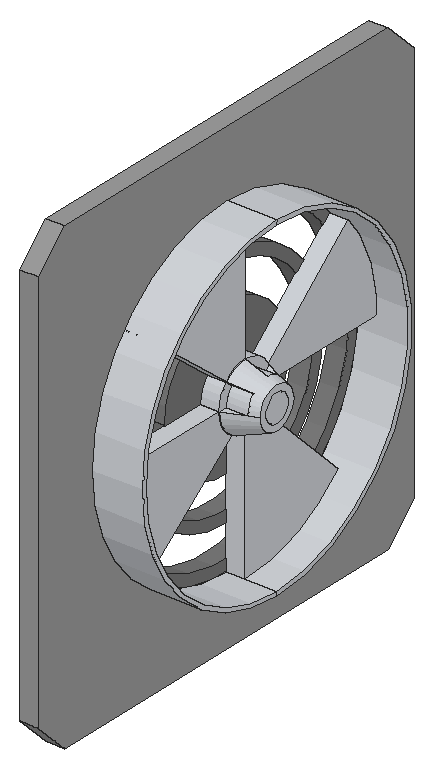
Revit family "НЕВАТОМ_Вентилятор VO с панелью, версия 1", category Оборудование, Revit 2017
Family settings
  Размер круглого соединителя = Использовать диаметр
  Тип детали = Нормальный
  На основе рабочей плоскости = Нет
  Всегда вертикально = Да
  При загрузке вырезать с полостями = Нет
  Общий = Нет
  Точка расчета площади = Нет
Parameters (values of type "VO 250-4E")
  С = 55 mm
  Расход [instance] = 0.0 L/s
  А = 320 mm
  Nevatom_URL = "https://t.me/NEVATOM_Bim_bot"
  D2.1 = D2 - D / 5  # 121.333 mm
  D2 = D1.1 - D / 15  # 173.333 mm
  D1.1 = D1 - D / 5  # 190.667 mm
  D1 = D - D / 15  # 242.667 mm
  D верх вент = D / 8  # 32.5 mm
  D* = D / 12  # 21.667 mm
  D осн вент = D / 5  # 52 mm
  D = 260 mm
  B = 370 mm
  ADSK_Частота вращения вентилятора = 1380
  ADSK_Ток = 0.22 A
  ADSK_Размер_Ширина = С  # 55 mm
  ADSK_Размер_Длина = B  # 370 mm
  ADSK_Размер_Высота = B  # 370 mm
  ADSK_Примечание = ""
  ADSK_Полная мощность = 0.05 kW
  ADSK_Позиция = ""
  ADSK_Напряжение = 230 V
  ADSK_Наименование = "Вентилятор осевой"  # constant formula
  ADSK_Материал наименование = "Оцинкованная сталь"  # constant formula
  ADSK_Масса_Текст = "2.5 кг"
  ADSK_Масса = 2.5
  ADSK_Марка = "VO 250-4Е-03"
  ADSK_Количество = 1  # constant formula
  ADSK_Код изделия = ""
  ADSK_Завод-изготовитель = "НЕВАТОМ"  # constant formula
  ADSK_Единица измерения = "шт."  # constant formula
Types (15, lengths in mm): name | С | А | D2.1 | D2 | D1.1 | D1 | D верх вент | D* | D осн вент | D | B | ADSK_Частота вращения вентилятора | ADSK_Ток | ADSK_Размер_Ширина | ADSK_Размер_Длина | ADSK_Размер_Высота | ADSK_Полная мощность | ADSK_Напряжение | ADSK_Масса_Текст | ADSK_Масса | ADSK_Марка
  (no name) | 55 | 320 | 121.333 | 173.333 | 190.667 | 242.667 | 32.5 | 21.667 | 52 | 260 | 370 | 1380 | 0.22 A | 55 | 370 | 370 | 0.05 kW | 230 V | "2.5 кг" | 2.5 | "VO 250-4Е-03"
  VO 200-4E | 52 | 260 | 95.667 | 136.667 | 150.333 | 191.333 | 25.625 | 17.083 | 41 | 205 | 312 | 1460 | 0.12 A | 52 | 312 | 312 | 0.03 kW | 230 V | "1.9 кг" | 1.9 | "VO 200-4Е-03"
  VO 250-4E | 55 | 320 | 121.333 | 173.333 | 190.667 | 242.667 | 32.5 | 21.667 | 52 | 260 | 370 | 1380 | 0.22 A | 55 | 370 | 370 | 0.05 kW | 230 V | "2.5 кг" | 2.5 | "VO 250-4Е-03"
  VO 300-4Е | 80 | 380 | 147 | 210 | 231 | 294 | 39.375 | 26.25 | 63 | 315 | 430 | 1370 | 0.38 A | 80 | 430 | 430 | 0.09 kW | 230 V | "3.2 кг" | 3.2 | "VO 300-4Е-03"
  VO 350-4Е | 85 | 435 | 168 | 240 | 264 | 336 | 45 | 30 | 72 | 360 | 485 | 1370 | 0.68 A | 85 | 485 | 485 | 0.14 kW | 230 V | "4.7 кг" | 4.7 | "VO 350-4Е-03"
  VO 400-4Е | 100 | 490 | 191.333 | 273.333 | 300.667 | 382.667 | 51.25 | 34.167 | 82 | 410 | 540 | 1350 | 0.81 A | 100 | 540 | 540 | 0.18 kW | 230 V | "6.1 кг" | 6.1 | "VO 400-4Е-03"
  VO 450-4E | 100 | 535 | 214.667 | 306.667 | 337.333 | 429.333 | 57.5 | 38.333 | 92 | 460 | 575 | 1380 | 1.15 A | 100 | 575 | 575 | 0.25 kW | 230 V | "6.9 кг" | 6.9 | "VO 450-4Е-03"
  VO 400-4D | 100 | 490 | 191.333 | 273.333 | 300.667 | 382.667 | 51.25 | 34.167 | 82 | 410 | 540 | 1380 | 0.48 A | 100 | 540 | 540 | 0.19 kW | 380 V | "6.1 кг" | 6.1 | "VO 400-4D-03"
  VO 450-4D | 100 | 535 | 214.667 | 306.667 | 337.333 | 429.333 | 57.5 | 38.333 | 92 | 460 | 575 | 1400 | 0.58 A | 100 | 575 | 575 | 0.25 kW | 380 V | "6.9 кг" | 6.9 | "VO 450-4D-03"
  VO 500-4E | 120 | 615 | 238 | 340 | 374 | 476 | 63.75 | 42.5 | 102 | 510 | 655 | 1320 | 1.85 A | 120 | 655 | 655 | 0.42 kW | 230 V | "9.5 кг" | 9.5 | "VO 500-4E-03"
  VO 500-4D | 120 | 615 | 238 | 340 | 374 | 476 | 63.75 | 42.5 | 102 | 510 | 655 | 1320 | 0.93 A | 120 | 655 | 655 | 0.45 kW | 380 V | "9.5 кг" | 9.5 | "VO 500-4D-03"
  VO 560-4E | 135 | 675 | 261.333 | 373.333 | 410.667 | 522.667 | 70 | 46.667 | 112 | 560 | 725 | 1310 | 2.45 A | 135 | 725 | 725 | 0.55 kW | 230 V | "10.5 кг" | 10.5 | "VO 560-4E-03"
  VO 560-4D | 135 | 675 | 261.333 | 373.333 | 410.667 | 522.667 | 70 | 46.667 | 112 | 560 | 725 | 1300 | 1.2 A | 135 | 725 | 725 | 0.65 kW | 380 V | "10.5 кг" | 10.5 | "VO 560-4D-03"
  VO 630-4E | 150 | 750 | 294 | 420 | 462 | 588 | 78.75 | 52.5 | 126 | 630 | 805 | 1315 | 3.5 A | 150 | 805 | 805 | 0.81 kW | 230 V | "15.0 кг" | 15 | "VO 630-4E-03"
  VO 630-4D | 150 | 750 | 294 | 420 | 462 | 588 | 78.75 | 52.5 | 126 | 630 | 805 | 1365 | 1.95 A | 150 | 805 | 805 | 0.86 kW | 380 V | "15.0 кг" | 15 | "VO 630-6D-03"
Reference planes
  plane 1 "По центру (Вперед/Назад)": y = 0
  plane 2: z = 0
  plane 3 "По центру (Влево/Вправо)": x = 0
  plane 4: x = 55
  plane 5: y = -185
  plane 6: y = 185
  plane 7: x = 30
  plane 8: y = 160
  plane 9: y = -160
  plane 10: z = 130
  plane 11: z = -130
  plane 12: z = 160
  plane 13: z = 185
  plane 14: z = -160
  plane 15: z = -185
Forms (mm)
  Extrusion 1, solid
    sketch origin (0, 0, 0) x (0, 1, 0) y (0, 0, 1)
      loop
        circle (0, 0) r 10.833
    from -17.851 to 55
  Blend 2, solid
    base sketch origin (0, 0, 0) x (0, 1, 0) y (0, 0, 1)
      loop
        circle (0, 0) r 26
    top sketch origin (0, 0, 0) x (0, 1, 0) y (0, 0, 1)
      loop
        circle (0, 0) r 16.25
    from 30 to 55
  Extrusion 3, solid
    sketch origin (0, 0, 0) x (0, 1, 0) y (0, 0, 1)
      loop
        circle (0, 0) r 26
    from -17.851 to 30
  Extrusion 4, void
    sketch origin (0, 0, 0) x (0, 1, 0) y (0, 0, 1)
      loop
        circle (0, 0) r 95.333
      loop
        circle (0, 0) r 121.333
    from 15 to 0
  Extrusion 5, void
    sketch origin (0, 0, 0) x (0, 1, 0) y (0, 0, 1)
      loop
        circle (0, 0) r 60.667
      loop
        circle (0, 0) r 86.667
    from 15 to 0
  Extrusion 6, solid
    sketch origin (0, 0, 0) x (0, 1, 0) y (0, 0, 1)
      loop
        circle (0, 0) r 130
    from 30 to 15
  Extrusion 7, void
    sketch origin (0, 0, 0) x (0, 1, 0) y (0, 0, 1)
      loop
        arc (19.167, 0) -> (17.597, -7.598) -> (13.143, -13.95) r 19.167
        line (13.143, -13.95) -> (224.249, -225.056)
        arc (224.249, -225.056) -> (293.414, -121.845) -> (317.707, 0) r 317.707
        line (317.707, 0) -> (19.167, 0)
      loop
        arc (-229.59, -189.991) -> (-126.865, -269.654) -> (0, -298.007) r 298.007
        line (0, -298.007) -> (0, -19.167)
        arc (0, -19.167) -> (-3.82, -18.782) -> (-7.486, -17.644) r 19.167
        line (-7.486, -17.644) -> (-229.59, -189.991)
      loop
        line (-313.326, 0) -> (-19.167, 0)
        arc (-19.167, 0) -> (-17.743, 7.248) -> (-13.684, 13.42) r 19.167
        line (-13.684, 13.42) -> (-240.341, 201.021)
        arc (-240.341, 201.021) -> (-294.515, 106.93) -> (-313.326, 0) r 313.326
      loop
        line (0, 207.324) -> (0, 19.167)
        arc (0, 19.167) -> (10.694, 15.906) -> (17.749, 7.234) r 19.167
        line (17.749, 7.234) -> (160.892, 130.757)
        arc (160.892, 130.757) -> (89.091, 187.206) -> (0, 207.324) r 207.324
    from 55 to 15
  Revolve 8, solid
    sketch origin (0, 0, 0) x (1, 0, 0) y (0, 0, 1)
      loop
        line (15, 133) -> (15, 130) -> (55, 130) -> (55, 133) -> (15, 133)
      axis (15, 0) -> (55, 0)
    angle from 0 to 360
  Extrusion 9, solid, material "Стена по умолчанию"
    sketch origin (0, 0, 0) x (0, 1, 0) y (0, 0, 1)
      loop
        line (160, 185) -> (-160, 185) -> (-185, 160) -> (-185, -160) -> (-160, -185) -> (160, -185) -> (185, -160) -> (185, 160) -> (160, 185)
      loop
        circle (0, 0) r 130
    from 15 to 0
  Extrusion 10, solid, material "Реш"
    sketch origin (0, 0, 0) x (0, 1, 0) y (0, 0, 1)
      loop
        circle (0, 0) r 130
    from 0 to 15
Cuts and joins
  Extrusion 7 cuts Extrusion 1
  Extrusion 7 cuts Blend 2
  Extrusion 4, Extrusion 5, Extrusion 7 cuts Extrusion 6
  Extrusion 4, Extrusion 5 cuts Extrusion 9
  Extrusion 4, Extrusion 5 cuts Extrusion 10
Lines and regions (mm)
  reference lines
    curve 1: circle (0, 0, 0) r 95.333 normal (1, 0, 0)
    curve 2: circle (0, 0, 0) r 121.333 normal (1, 0, 0)
    curve 3: circle (0, 0, 0) r 86.667 normal (1, 0, 0)
    curve 4: circle (0, 0, 0) r 60.667 normal (1, 0, 0)
    curve 5: circle (0, 0, 0) r 130 normal (1, 0, 0)
    curve 6: circle (0, 0, 0) r 10.833 normal (1, 0, 0)
    curve 7: line (15, 256.549, 0) -> (15, -288.451, 0)
Dimensions and locks
  equal spacing: plane 8, plane 1 "По центру (Вперед/Назад)", plane 9
  "D": plane 10 to plane 11
  equal spacing: plane 11, level, plane 10
  plane 11 to plane 10 = 260 mm
  locked: Revolve 8 sketch curve to Revolve 8 sketch curve at 3
  "А": plane 8 to plane 9
  equal spacing: plane 6, plane 1 "По центру (Вперед/Назад)", plane 5
  "B": plane 6 to plane 5
  equal spacing: plane 12, level, plane 14
  "А": plane 12 to plane 14
  equal spacing: plane 13, level, plane 15
  "B": plane 13 to plane 15
  Extrusion 9 to Extrusion 9 = 15 mm
  "С": plane 3 "По центру (Влево/Вправо)" to plane 4
  locked: cut or joined group of Extrusion 4, Extrusion 5, Extrusion 9 to plane 7 at 15
  "D*": diameter of Extrusion 1 sketch curve
  "D верх вент": diameter of Blend 2 sketch curve
  "D осн вент": diameter of Blend 2 sketch curve
  "D осн вент": diameter of Extrusion 3 sketch curve
  "D1": diameter of curve 2
  "D1.1": diameter of curve 1
  "D2": diameter of curve 3
  "D2.1": diameter of curve 4
  "D": diameter of Extrusion 6 sketch curve
  diameter of Extrusion 6 = 260 mm
  "D": diameter of curve 5
  "D*": diameter of curve 6
  "D": diameter of Extrusion 10 sketch curve
  locked: Extrusion 7 sketch curve to Extrusion 7 sketch curve (angle 45.00°)
  aligned and locked: level to plane 2
  aligned and locked: plane 4 to Extrusion 1
  aligned and locked: plane 4 to Blend 2
  aligned and locked: plane 7 to Extrusion 3
  aligned and locked: Extrusion 4 sketch curve to curve 1
  aligned and locked: Extrusion 4 sketch curve to curve 2
  aligned and locked: Extrusion 5 sketch curve to curve 4
  aligned and locked: Extrusion 5 sketch curve to curve 3
  aligned and locked: Extrusion 7 sketch curve to level
  aligned and locked: Revolve 8 sketch curve to plane 10
  aligned and locked: Revolve 8 sketch curve to level
  aligned and locked: Revolve 8 to plane 4
  aligned and locked: Extrusion 6 to Extrusion 3
  aligned and locked: plane 7 to cut or joined group of Extrusion 4, Extrusion 5, Extrusion 6, Extrusion 7
  aligned and locked: Extrusion 9 sketch curve to plane 13
  aligned and locked: plane 5 to Extrusion 9 sketch curve
  aligned and locked: plane 15 to Extrusion 9 sketch curve
  aligned and locked: Extrusion 9 sketch curve to plane 6
  aligned and locked: Extrusion 9 sketch curve to Revolve 8  (x2)
  aligned and locked: Extrusion 4 to Extrusion 9
  aligned and locked: Extrusion 5 to Extrusion 4
  aligned and locked: curve 5 to plane 3 "По центру (Влево/Вправо)"
  aligned and locked: curve 2 to plane 3 "По центру (Влево/Вправо)"
  aligned and locked: cut or joined group of Extrusion 4, Extrusion 5, Extrusion 6, Extrusion 7 to plane 7  (x8)
  aligned and locked: curve 7 to cut or joined group of Extrusion 4, Extrusion 5, Extrusion 6, Extrusion 7
  aligned and locked: cut or joined group of Blend 2, Extrusion 7 to cut or joined group of Extrusion 4, Extrusion 5, Extrusion 6, Extrusion 7
  aligned and locked: Extrusion 7 to cut or joined group of Extrusion 4, Extrusion 5, Extrusion 6, Extrusion 7
  aligned and locked: Revolve 8 to cut or joined group of Extrusion 4, Extrusion 5, Extrusion 9  (x2)
  aligned and locked: cut or joined group of Extrusion 4, Extrusion 5, Extrusion 9 to plane 3 "По центру (Влево/Вправо)"
  aligned and locked: Extrusion 10 to plane 3 "По центру (Влево/Вправо)"
  aligned and locked: Extrusion 3 to Extrusion 1
  aligned and locked: curve 7 to cut or joined group of Extrusion 4, Extrusion 5, Extrusion 9
  aligned and locked: curve 7 to Revolve 8  (x5)
  aligned and locked: cut or joined group of Extrusion 4, Extrusion 5, Extrusion 10 to curve 7
  aligned and locked: plane 4 to Extrusion 7
  aligned and locked: plane 1 "По центру (Вперед/Назад)" to Extrusion 7 sketch curve  (x2)
  aligned and locked: Extrusion 7 sketch curve to curve 7  (x2)
  aligned and locked: nested 1 to Extrusion 3
Automatic sketch dimensions
  Revolve 8 sketch curve to plane 4 = 0 mm
  plane 4 to Revolve 8 sketch curve = 1781.983 mm
  Extrusion 9 sketch curve to plane 9 = 0 mm  (x2)
  Extrusion 9 sketch curve to plane 1 "По центру (Вперед/Назад)" = 0 mm
  Extrusion 9 sketch curve to plane 8 = 0 mm  (x2)
  Extrusion 9 sketch curve to plane 14 = 0 mm  (x2)
  Extrusion 9 sketch curve to plane 12 = 0 mm  (x2)
  curve 7 to plane 5 = 103.451 mm
  plane 6 to curve 7 = 71.549 mm
  plane 3 "По центру (Влево/Вправо)" to curve 7 = 15 mm
  plane 3 "По центру (Влево/Вправо)" to Revolve 8 sketch curve = 15 mm
  Revolve 8 sketch curve to plane 3 "По центру (Влево/Вправо)" = 1290.99 mm
  Extrusion 7 sketch curve to Extrusion 7 sketch curve = 0 mm  (x8)
  plane 8 to Extrusion 7 sketch curve = 0.892 mm
  Extrusion 7 sketch curve to plane 10 = 0.757 mm
  plane 1 "По центру (Вперед/Назад)" to Extrusion 7 sketch curve = 7.486 mm
  plane 1 "По центру (Вперед/Назад)" to Extrusion 7 sketch curve = 13.684 mm
  Extrusion 7 sketch curve to Extrusion 7 sketch curve = 5.482 mm
  Extrusion 7 sketch curve to plane 15 = 4.991 mm
  Extrusion 7 sketch curve to plane 5 = 44.59 mm
  plane 13 to Extrusion 7 sketch curve = 16.021 mm
  Extrusion 7 sketch curve to plane 5 = 55.341 mm
  Extrusion 7 sketch curve to plane 1 "По центру (Вперед/Назад)" = 13.143 mm
  level to Extrusion 7 sketch curve = 7.234 mm
  Extrusion 7 sketch curve to plane 1 "По центру (Вперед/Назад)" = 17.749 mm
  Extrusion 7 sketch curve to Extrusion 7 sketch curve = 1.418 mm
  plane 6 to Extrusion 7 sketch curve = 39.249 mm
  Extrusion 7 sketch curve to Extrusion 7 sketch curve = 5.216 mm
  Extrusion 1 sketch curve to level = 0 mm
  Extrusion 1 sketch curve to plane 1 "По центру (Вперед/Назад)" = 0 mm
  curve 1 to curve 2 = 0 mm  (x2)
  curve 1 to curve 3 = 0 mm  (x2)
  curve 1 to curve 4 = 0 mm  (x2)
  curve 2 to curve 6 = 0 mm
  curve 3 to curve 6 = 0 mm
  curve 5 to curve 6 = 0 mm  (x2)
  curve 2 to level = 0 mm
  curve 2 to plane 1 "По центру (Вперед/Назад)" = 0 mm
  Blend 2 sketch curve to level = 0 mm  (x2)
  Blend 2 sketch curve to plane 1 "По центру (Вперед/Назад)" = 0 mm  (x2)
  Extrusion 3 sketch curve to level = 0 mm
  Extrusion 3 sketch curve to plane 1 "По центру (Вперед/Назад)" = 0 mm
  Extrusion 6 sketch curve to level = 0 mm
  Extrusion 6 sketch curve to plane 1 "По центру (Вперед/Назад)" = 0 mm
  Extrusion 10 sketch curve to level = 0 mm
  Extrusion 10 sketch curve to plane 1 "По центру (Вперед/Назад)" = 0 mm
Nested families
  nested 1: "НЕВАТОМ_QR-D" at (-19.851, 0, 2.539), type "Nevatom_Logo_100", not visible
Connectors
  hvac at (0, 0, 0), driven by "D", driven by "Расход"
    settings: on cut or joined group of Extrusion 4, Extrusion 5, Extrusion 10, index 1, duct flow 0.0 L/s, flow factor 0, pres drop 0.0 Pa, loss coef 0, conn angle 0.00°, conn width 304.8 mm, conn height 304.8 mm, conn diameter 260 mm, duct sys type 29, conn prof type 0, flow config 1, flow direction 0, loss method 0, conn ref index 2, conn util no, is conn primary yes, conn desc ""
  hvac at (55, 0, 0), driven by "D", driven by "Расход"
    settings: on Revolve 8, index 2, duct flow 0.0 L/s, flow factor 0, pres drop 0.0 Pa, loss coef 0, conn angle 0.00°, conn width 304.8 mm, conn height 304.8 mm, conn diameter 260 mm, duct sys type 29, conn prof type 0, flow config 1, flow direction 0, loss method 0, conn ref index 1, conn util no, is conn primary no, conn desc ""
Definition of nested family "НЕВАТОМ_QR-D"
  Parameters (values of type "Nevatom_Logo_200")
    Nevatom_Logo_D = none
    L = 2 mm
    D = 200 mm
  Types (4, lengths in mm): name | D
    (no name) | 200
    Nevatom_Logo_50 | 50
    Nevatom_Logo_100 | 100
    Nevatom_Logo_200 | 200
  Reference planes
    plane 1 "По центру (Вперед/Назад)": y = 0
    plane 2: z = 0
    plane 3 "По центру (Влево/Вправо)": x = 0
  Forms (mm)
    Extrusion 1, solid, material <- "Nevatom_Logo_D"
      sketch origin (0, 0, 0) x (0, 1, 0) y (0, 0, 1)
        loop
          circle (0, 0) r 100
      from 0 to 2 <- "L"
  Dimensions and locks
    "D": diameter of Extrusion 1 sketch curve
    aligned and locked: level to plane 2
  Automatic sketch dimensions
    Extrusion 1 sketch curve to level = 0 mm
    Extrusion 1 sketch curve to plane 1 "По центру (Вперед/Назад)" = 0 mm
